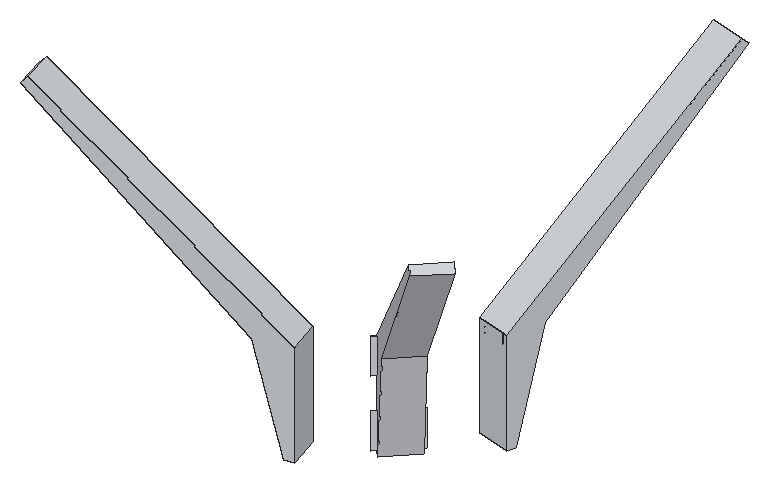
Revit family "Сборка насадок угол 60", category Специальное оборудование, Revit 2019
Family settings
  Размер круглого соединителя = Использовать диаметр
  Тип детали = Нормальный
  На основе рабочей плоскости = Нет
  Всегда вертикально = Да
  При загрузке вырезать с полостями = Нет
  Общий = Да
  Точка расчета площади = Нет
Parameters (values of type "На столбы 80x80")
  Ширина столба = 80 mm
  Центр насадки = Ширина столба / 2  # 40 mm
  Тип крепления насадок к столбам [instance] = 0
  Наружные насадки [instance] = yes
  Инструкция [instance] = "https://docs.google.com/document/d/1YU2zMc4EH5Wo240p8cADVhto8tMNmUbVgzn2qTnmTt8/edit?usp=sharing"
  Группа модели = "Насадки"  # constant formula
  Глубина столба = 80 mm
  ADSK_Наименование = "Сборка - угловые насадки"  # constant formula
Types (4, lengths in mm): name | Ширина столба | Центр насадки | Глубина столба
  На столбы 40x60 | 40 | 20 | 60
  На столбы 60x60 | 60 | 30 | 60
  На столбы 60x80 | 60 | 30 | 80
  На столбы 80x80 | 80 | 40 | 80
Reference planes
  plane 1 "По центру (Вперед/Назад)": y = 0
  plane 2: z = 0
  plane 3 "По центру (Влево/Вправо)": x = 0
  plane 4: z = 0
  plane 5: through (46.994, 102.94, 1200) normal (0.9659, -0.2588, 0)
  plane 6: through (-1.518, -19.818, 1200) normal (0.2588, -0.9659, 0)
  plane 7: through (124.268, 82.234, 1200) normal (0.9659, -0.2588, 0)
  plane 8: through (0.103, 33.594, 1200) normal (0.2588, 0.9659, 0)
  plane 9: through (19.188, -97.092, 1200) normal (0.2588, -0.9659, 0)
  plane 10: through (-33.594, -0.103, 1200) normal (0.9659, 0.2588, 0)
  plane 11: through (20.809, 110.868, 1200) normal (0.2588, 0.9659, 0)
  plane 12: through (-110.868, -20.809, 1200) normal (0.9659, 0.2588, 0)
Dimensions and locks
  "Ширина столба": plane 9 to plane 6
  "Глубина столба": plane 8 to plane 11
  "Ширина столба": plane 5 to plane 7
  "Центр насадки": plane 5 to nested 1
  "Центр насадки": plane 9 to nested 2
  "Центр насадки": nested 14 to plane 5
  "Глубина столба": plane 12 to plane 10
  aligned and locked: level to plane 2
  aligned and locked: nested 4 to nested 2
  aligned and locked: nested 5 to nested 1
  aligned and locked: nested 5 to nested 8  (x2)
  aligned and locked: nested 8 to nested 9  (x2)
  aligned and locked: nested 4 to nested 7
  aligned and locked: nested 6 to nested 7  (x2)
  aligned and locked: nested 7 to nested 15
  aligned and locked: nested 8 to nested 14
  aligned and locked: nested 14 to nested 8  (x2)
  aligned and locked: nested 16 to nested 10
  aligned and locked: nested 1 to plane 11
  aligned and locked: plane 12 to nested 2
  aligned and locked: plane 12 to nested 15
  aligned and locked: nested 14 to plane 11
  aligned and locked: nested 5 to plane 11
  aligned and locked: nested 9 to nested 8
  aligned and locked: nested 7 to nested 2
  aligned and locked: nested 15 to nested 2
Nested families
  nested 1: "В_Насадка L" at (85.859, 93.438, -175) x (0.9659, -0.2588, 0) z (0, 0, 1), visible <- "Наружные насадки", ADSK_Комплект <- "Группа модели", type "Насадка"
    with Насадка L ус 510 yes, ADSK_Обозначение "", ADSK_Наименование "Насадка L ус 510", ADSK_Масса 1.17, ADSK_Комплект "Насадки", ADSK_Код изделия "8928", ADSK_Завод-изготовитель "FENSYS", ADSK_Единица измерения "шт."
  nested 2: "В_Насадка L" at (-93.438, -85.859, -175) x (-0.2588, 0.9659, 0) z (0, 0, 1), visible <- "Наружные насадки", ADSK_Комплект <- "Группа модели", type "Насадка"
    with Насадка L ус 510 yes, ADSK_Обозначение "", ADSK_Наименование "Насадка L ус 510", ADSK_Масса 1.17, ADSK_Комплект "Насадки", ADSK_Код изделия "8928", ADSK_Завод-изготовитель "FENSYS", ADSK_Единица измерения "шт."
  nested 3: "В_Угловая скоба" at (0.707, -0.707, 0) x (0.7071, 0.7071, 0) z (0, 0, 1), ADSK_Комплект <- "Группа модели", type "Угловая скоба"
    with S 75 mm, ADSK_Комплект "Насадки"
  nested 4: "В_Крепеж" at (-95.853, -86.506, -4.311) x (0.2588, -0.9659, 0) z (0, 0, 1), Тип крепежа <- "Тип крепления насадок к столбам", visible <- "Наружные насадки", ADSK_Комплект <- "Группа модели", type "Крепеж"
    with Ширина столба 0 mm, Тип крепежа 0, Путь к таблице "Таблица крепежей", Видимость метизов yes, Y насадка no, ADSK_Обозначение "Крепеж", ADSK_Наименование "Хомут специальный 80", ADSK_Комплект "Насадки", ADSK_Количество 1, ADSK_Код изделия "15515К"
  nested 5: "В_Крепеж" at (86.506, 95.853, -4.311) x (-0.9659, 0.2588, 0) z (0, 0, 1), Тип крепежа <- "Тип крепления насадок к столбам", visible <- "Наружные насадки", ADSK_Комплект <- "Группа модели", type "Крепеж"
    with Ширина столба 0 mm, Тип крепежа 0, Путь к таблице "Таблица крепежей", Видимость метизов yes, Y насадка no, ADSK_Обозначение "Крепеж", ADSK_Наименование "Хомут специальный 80", ADSK_Комплект "Насадки", ADSK_Количество 1, ADSK_Код изделия "15515К"
  nested 6: "В_Крепеж" at (-105.512, -89.094, -4.311) x (0.2588, -0.9659, 0) z (0, 0, 1), visible <- "Наружные насадки", ADSK_Комплект <- "Группа модели", type "Крепеж"
    with Ширина столба 0 mm, Тип крепежа 5, Путь к таблице "Таблица крепежей", Видимость метизов no, Y насадка no, ADSK_Обозначение "Крепеж", ADSK_Наименование "Комплект крепления СББ/ПББ к насадке (Болт М6х25 DIN 933 оц - 4 шт., Зажим для крепления струны/проволоки - 4 шт., Шайба D6 DIN 125 оц. - 8 шт.,  Гайка М6 кл.8.0 DIN 934 оц. - 4 шт.)", ADSK_Комплект "Насадки", ADSK_Количество 1, ADSK_Код изделия "8927"
  nested 7: "В_Крепеж" at (-100.682, -87.8, -4.311) x (0.2588, -0.9659, 0) z (0, 0, 1), visible <- "Наружные насадки", ADSK_Комплект <- "Группа модели", type "Крепеж"
    with Ширина столба 0 mm, Тип крепежа 5, Путь к таблице "Таблица крепежей", Видимость метизов no, Y насадка no, ADSK_Обозначение "Крепеж", ADSK_Наименование "Комплект крепления СББ/ПББ к насадке (Болт М6х25 DIN 933 оц - 4 шт., Зажим для крепления струны/проволоки - 4 шт., Шайба D6 DIN 125 оц. - 8 шт.,  Гайка М6 кл.8.0 DIN 934 оц. - 4 шт.)", ADSK_Комплект "Насадки", ADSK_Количество 1, ADSK_Код изделия "8927"
  nested 8: "В_Крепеж" at (87.8, 100.682, -4.311) x (-0.9659, 0.2588, 0) z (0, 0, 1), visible <- "Наружные насадки", ADSK_Комплект <- "Группа модели", type "Крепеж"
    with Ширина столба 0 mm, Тип крепежа 5, Путь к таблице "Таблица крепежей", Видимость метизов no, Y насадка no, ADSK_Обозначение "Крепеж", ADSK_Наименование "Комплект крепления СББ/ПББ к насадке (Болт М6х25 DIN 933 оц - 4 шт., Зажим для крепления струны/проволоки - 4 шт., Шайба D6 DIN 125 оц. - 8 шт.,  Гайка М6 кл.8.0 DIN 934 оц. - 4 шт.)", ADSK_Комплект "Насадки", ADSK_Количество 1, ADSK_Код изделия "8927"
  nested 9: "В_Крепеж" at (89.094, 105.512, -4.311) x (-0.9659, 0.2588, 0) z (0, 0, 1), visible <- "Наружные насадки", ADSK_Комплект <- "Группа модели", type "Крепеж"
    with Ширина столба 0 mm, Тип крепежа 5, Путь к таблице "Таблица крепежей", Видимость метизов no, Y насадка no, ADSK_Обозначение "Крепеж", ADSK_Наименование "Комплект крепления СББ/ПББ к насадке (Болт М6х25 DIN 933 оц - 4 шт., Зажим для крепления струны/проволоки - 4 шт., Шайба D6 DIN 125 оц. - 8 шт.,  Гайка М6 кл.8.0 DIN 934 оц. - 4 шт.)", ADSK_Комплект "Насадки", ADSK_Количество 1, ADSK_Код изделия "8927"
  nested 10: "В_Насадка L" at (1.414, -1.414, -175) x (-0.7071, -0.7071, 0) z (0, 0, 1), ADSK_Комплект <- "Группа модели", type "Насадка"
    with Насадка L ус 510 yes, ADSK_Обозначение "", ADSK_Наименование "Насадка L ус 510", ADSK_Масса 1.17, ADSK_Комплект "Насадки", ADSK_Код изделия "8928", ADSK_Завод-изготовитель "FENSYS", ADSK_Единица измерения "шт."
  nested 11: "В_Крепеж" at (10.253, -10.253, -4.311) x (-0.7071, -0.7071, 0) z (0, 0, 1), ADSK_Комплект <- "Группа модели", type "Крепеж"
    with Ширина столба 0 mm, Тип крепежа 5, Путь к таблице "Таблица крепежей", Видимость метизов no, Y насадка no, ADSK_Обозначение "Крепеж", ADSK_Наименование "Комплект крепления СББ/ПББ к насадке (Болт М6х25 DIN 933 оц - 4 шт., Зажим для крепления струны/проволоки - 4 шт., Шайба D6 DIN 125 оц. - 8 шт.,  Гайка М6 кл.8.0 DIN 934 оц. - 4 шт.)", ADSK_Комплект "Насадки", ADSK_Количество 1, ADSK_Код изделия "8927"
  nested 12: "В_Крепеж" at (6.718, -6.718, -4.311) x (-0.7071, -0.7071, 0) z (0, 0, 1), ADSK_Комплект <- "Группа модели", type "Крепеж"
    with Ширина столба 0 mm, Тип крепежа 5, Путь к таблице "Таблица крепежей", Видимость метизов no, Y насадка no, ADSK_Обозначение "Крепеж", ADSK_Наименование "Комплект крепления СББ/ПББ к насадке (Болт М6х25 DIN 933 оц - 4 шт., Зажим для крепления струны/проволоки - 4 шт., Шайба D6 DIN 125 оц. - 8 шт.,  Гайка М6 кл.8.0 DIN 934 оц. - 4 шт.)", ADSK_Комплект "Насадки", ADSK_Количество 1, ADSK_Код изделия "8927"
  nested 13: "В_Метизы" at (-3.035, -3.035, 0) x (0.7071, 0.7071, 0) z (0, 0, 1), ADSK_Комплект <- "Группа модели", type "Метизы"
    with Тип крепежа 6, Путь к таблице "Таблица метизов", ADSK_Наименование "ГАЙКА M8 DIN 934 оц. - 4 шт.", ADSK_Комплект "Насадки", ADSK_Количество 1, ADSK_Код изделия "3562"
  nested 14: "В_Крепеж" at (86.506, 95.853, -12.934) x (-0.9659, 0.2588, 0) z (0, 0, 1), Тип крепежа <- "Тип крепления насадок к столбам", visible <- "Наружные насадки", ADSK_Комплект <- "Группа модели", type "Крепеж"
    with Ширина столба 0 mm, Тип крепежа 0, Путь к таблице "Таблица крепежей", Видимость метизов yes, Y насадка no, ADSK_Обозначение "Крепеж", ADSK_Наименование "Хомут специальный 80", ADSK_Комплект "Насадки", ADSK_Количество 1, ADSK_Код изделия "15515К"
  nested 15: "В_Крепеж" at (-95.853, -86.506, -12.934) x (0.2588, -0.9659, 0) z (0, 0, 1), Тип крепежа <- "Тип крепления насадок к столбам", visible <- "Наружные насадки", ADSK_Комплект <- "Группа модели", type "Крепеж"
    with Ширина столба 0 mm, Тип крепежа 0, Путь к таблице "Таблица крепежей", Видимость метизов yes, Y насадка no, ADSK_Обозначение "Крепеж", ADSK_Наименование "Хомут специальный 80", ADSK_Комплект "Насадки", ADSK_Количество 1, ADSK_Код изделия "15515К"
  nested 16: "В_Угловая скоба" at (0.707, -0.707, -114.266) x (0.7071, 0.7071, 0) z (0, 0, 1), ADSK_Комплект <- "Группа модели", type "Угловая скоба"
    with S 75 mm, ADSK_Комплект "Насадки"
  nested 17: "В_Метизы" at (-3.767, -3.767, 0) x (0.7071, 0.7071, 0) z (0, 0, 1), ADSK_Комплект <- "Группа модели", type "Метизы"
    with Тип крепежа 2, Путь к таблице "Таблица метизов", ADSK_Наименование "Комплект метизов «В» для крепления скобы из нержавеющей стали (Винт М8х30 ISO 7380 А2   - 4 шт., Шайба D8 DIN 125 А2-70 - 4 шт.,Шайба 8 DIN 127 нерж.)", ADSK_Комплект "Насадки", ADSK_Количество 1, ADSK_Код изделия "8923"
  nested 18: "В_Метизы" at (-4.189, -4.189, 0) x (0.7071, 0.7071, 0) z (0, 0, 1), ADSK_Комплект <- "Группа модели", type "Метизы"
    with Тип крепежа 6, Путь к таблице "Таблица метизов", ADSK_Наименование "ГАЙКА M8 DIN 934 оц. - 4 шт.", ADSK_Комплект "Насадки", ADSK_Количество 1, ADSK_Код изделия "3562"
  nested 19: "В_Метизы" at (-8.36, -8.36, 0) x (0.7071, 0.7071, 0) z (0, 0, 1), ADSK_Комплект <- "Группа модели", type "Метизы"
    with Тип крепежа 2, Путь к таблице "Таблица метизов", ADSK_Наименование "Комплект метизов «В» для крепления скобы из нержавеющей стали (Винт М8х30 ISO 7380 А2   - 4 шт., Шайба D8 DIN 125 А2-70 - 4 шт.,Шайба 8 DIN 127 нерж.)", ADSK_Комплект "Насадки", ADSK_Количество 1, ADSK_Код изделия "8923"
  nested 20: "В_Метизы" at (-90.676, -105.825, -4.311) x (0.2588, -0.9659, 0) z (0, 0, 1), type "Метизы"
    with Тип крепежа 0, Путь к таблице "Таблица метизов", ADSK_Наименование "Комплект крепежных элементов для хомута", ADSK_Комплект "Насадки", ADSK_Количество 1, ADSK_Код изделия "8920"
  nested 21: "В_Метизы" at (67.188, 101.029, -4.311) x (-0.9659, 0.2588, 0) z (0, 0, 1), type "Метизы"
    with Тип крепежа 0, Путь к таблице "Таблица метизов", ADSK_Наименование "Комплект крепежных элементов для хомута", ADSK_Комплект "Насадки", ADSK_Количество 1, ADSK_Код изделия "8920"
  nested 22: "В_Метизы" at (67.188, 101.029, -12.934) x (-0.9659, 0.2588, 0) z (0, 0, 1), type "Метизы"
    with Тип крепежа 0, Путь к таблице "Таблица метизов", ADSK_Наименование "Комплект крепежных элементов для хомута", ADSK_Комплект "Насадки", ADSK_Количество 1, ADSK_Код изделия "8920"
  nested 23: "В_Метизы" at (-90.676, -105.825, -12.934) x (0.2588, -0.9659, 0) z (0, 0, 1), type "Метизы"
    with Тип крепежа 0, Путь к таблице "Таблица метизов", ADSK_Наименование "Комплект крепежных элементов для хомута", ADSK_Комплект "Насадки", ADSK_Количество 1, ADSK_Код изделия "8920"
Definition of nested family "В_Насадка L"
  Parameters (values of type "Насадка")
    Насадка L ус 510 [instance] = no
    URL = "https://www.fensys.ru/produkciya/elementy-usileniya.html"
    ADSK_Обозначение [instance] = ""
    ADSK_Наименование [instance] = if(Насадка L ус 510, "Насадка L ус 510", "Насадка L ус 325")  # "Насадка L ус 325"
    ADSK_Масса [instance] = if(Насадка L ус 510, 1.17, 0.82)  # 0.82
    ADSK_Комплект [instance] = ""
    ADSK_Количество = 1
    ADSK_Код изделия [instance] = if(Насадка L ус 510, "8928", "8938")  # "8938"
    ADSK_Завод-изготовитель [instance] = "FENSYS"  # constant formula
    ADSK_Единица измерения [instance] = "шт."  # constant formula
  Reference planes
    plane 1 "По центру (Вперед/Назад)": y = 0
    plane 2: z = 0
    plane 3 "По центру (Влево/Вправо)": x = 0
  Forms (mm)
    Extrusion 1, solid
      sketch origin (0, 0, 0) x (0, 1, 0) y (0, 0, 1)
        loop
          line (0, 0) -> (15, 0) -> (61.891, 175) -> (398.002, 488.686) -> (386.689, 500) -> (0, 175) -> (0, 0)
      from -30.5 to 30.5
  Dimensions and locks
    Extrusion 1 sketch curve to Extrusion 1 sketch curve = 175 mm
    Extrusion 1 sketch curve to Extrusion 1 sketch curve = 15 mm
    equal spacing: Extrusion 1, plane 3 "По центру (Влево/Вправо)", Extrusion 1
    locked: Extrusion 1 to Extrusion 1 at 61
    aligned and locked: level to plane 2
    aligned and locked: plane 1 "По центру (Вперед/Назад)" to Extrusion 1  (x2)
    aligned and locked: Extrusion 1 to level
  Automatic sketch dimensions
    Extrusion 1 sketch curve to plane 1 "По центру (Вперед/Назад)" = 0 mm
    Extrusion 1 sketch curve to level = 0 mm
    Extrusion 1 sketch curve to plane 1 "По центру (Вперед/Назад)" = 61.891 mm
    Extrusion 1 sketch curve to Extrusion 1 sketch curve = 0 mm
    Extrusion 1 sketch curve to Extrusion 1 sketch curve = 325 mm
    Extrusion 1 sketch curve to Extrusion 1 sketch curve = 11.314 mm  (x2)
    Extrusion 1 sketch curve to plane 1 "По центру (Вперед/Назад)" = 386.689 mm
Definition of nested family "В_Угловая скоба"
  Parameters (values of type "Угловая скоба")
    Model = ""
    S [instance] = 83 mm
    ADSK_Обозначение = "Крепеж окрашеный"  # constant formula
    ADSK_Наименование = "Скоба угловая для крепления насадки"  # constant formula
    ADSK_Комплект [instance] = ""
    ADSK_Количество = 1
    ADSK_Код изделия = "15293"  # constant formula
    ADSK_Завод-изготовитель = "FENSYS"  # constant formula
    ADSK_Единица измерения = "шт."  # constant formula
  Reference planes
    plane 1 "По центру (Вперед/Назад)": y = 0
    plane 2: z = 0
    plane 3 "По центру (Влево/Вправо)": x = 0
  Forms (mm)
    Extrusion 1, solid
      sketch origin (0, 0, 0) x (1, 0, 0) y (0, 1, 0)
        loop
          line (-41.5, 1) -> (-41.5, -1) -> (41.5, -1) -> (41.5, 1) -> (-41.5, 1)
      from -60.734 to 0
  Dimensions and locks
    equal spacing: Extrusion 1, plane 3 "По центру (Влево/Вправо)", Extrusion 1
    "S": Extrusion 1 to Extrusion 1
    aligned and locked: level to plane 2
  Automatic sketch dimensions
    Extrusion 1 sketch curve to plane 1 "По центру (Вперед/Назад)" = 1 mm
    Extrusion 1 sketch curve to plane 3 "По центру (Влево/Вправо)" = 41.5 mm
    plane 3 "По центру (Влево/Вправо)" to Extrusion 1 sketch curve = 41.5 mm
    plane 1 "По центру (Вперед/Назад)" to Extrusion 1 sketch curve = 1 mm
Definition of nested family "В_Крепеж"
  Parameters (values of type "Крепеж")
    Ширина столба [instance] = 0 mm
    Тип крепежа [instance] = 0
    Путь к таблице [instance] = "Таблица крепежей"  # constant formula
    Manufacturer = [ADSK_Завод-изготовитель]  # "FENSYS"
    Model = ""
    Видимость метизов [instance] = not(Тип крепежа = 5)  # yes
    Y насадка [instance] = yes
    URL = "https://www.fensys.ru/produkciya/krepyozh.html"
    ADSK_Обозначение [instance] = "Крепеж"  # constant formula
    ADSK_Наименование [instance] = size_lookup(Путь к таблице, "", "Не найдено", Тип крепежа)  # "Хомут специальный 80"
    ADSK_Комплект [instance] = ""
    ADSK_Количество [instance] = 1  # constant formula
    ADSK_Код изделия [instance] = size_lookup(Путь к таблице, "ADSK_Код изделия", "Не найдено", Тип крепежа)  # "15515К"
    ADSK_Завод-изготовитель = "FENSYS"  # constant formula
    ADSK_Единица измерения = "шт."  # constant formula
  Reference planes
    plane 1 "По центру (Вперед/Назад)": y = 0
    plane 2: z = 0
    plane 3 "По центру (Влево/Вправо)": x = 0
    plane 4: z = 0
  Forms (mm)
    Extrusion 1, solid
      sketch origin (0, -3, 0) x (1, 0, 0) y (0, 1, 0)
        loop
          line (-20, 5.5) -> (-20, 0.5) -> (20, 0.5) -> (20, 5.5) -> (-20, 5.5)
      from -4.311 to 4.311
  Dimensions and locks
    locked: Extrusion 1 sketch curve to Extrusion 1 sketch curve at 5
    locked: Extrusion 1 sketch curve to Extrusion 1 sketch curve at 40
    aligned and locked: level to plane 2
  Nested families
    nested 1: "В_Метизы" at (20, 0, 0), Тип крепежа <- "Тип крепежа", ADSK_Комплект <- "ADSK_Комплект", visible <- "Видимость метизов", type "Метизы"
      with Тип крепежа 0, Путь к таблице "Таблица метизов", ADSK_Наименование "Комплект крепежных элементов для хомута", ADSK_Комплект "", ADSK_Количество 1, ADSK_Код изделия "8920"
    nested 2: "В_Метизы" at (-20, 0, 0), visible <- "Y насадка", Тип крепежа <- "Тип крепежа", ADSK_Комплект <- "ADSK_Комплект", type "Метизы"
      with Тип крепежа 0, Путь к таблице "Таблица метизов", ADSK_Наименование "Комплект крепежных элементов для хомута", ADSK_Комплект "", ADSK_Количество 1, ADSK_Код изделия "8920"
  Definition of nested family "В_Метизы"
    Parameters (values of type "Метизы")
      Тип крепежа [instance] = 1
      Путь к таблице [instance] = "Таблица метизов"  # constant formula
      Manufacturer = [ADSK_Завод-изготовитель]  # "FENSYS"
      URL = "https://www.fensys.ru/produkciya/krepyozh.html"
      ADSK_Наименование [instance] = size_lookup(Путь к таблице, "", "Не найдено", Тип крепежа)  # "Комплект метизов «В» для крепления скобы F24 (Винт М6х30 ISO 7380 А2 - 4 шт., Шайба D6 DIN 125 А2 - 4 шт.,Шайба 6 DIN 127 А2 - 4 шт.)"
      ADSK_Комплект [instance] = "Ограждение"
      ADSK_Количество [instance] = 1  # constant formula
      ADSK_Код изделия [instance] = size_lookup(Путь к таблице, "ADSK_Код изделия", "Не найдено", Тип крепежа)  # "8932"
      ADSK_Завод-изготовитель = "FENSYS"  # constant formula
      ADSK_Единица измерения = "шт."  # constant formula
    Reference planes
      plane 1 "По центру (Вперед/Назад)": y = 0
      plane 2: z = 0
      plane 3 "По центру (Влево/Вправо)": x = 0
      plane 4: z = 0
    Lines and regions (mm)
      reference lines
        curve 1: circle (0, 0, 0) r 0.299 normal (0, -1, 0)
      model lines
        curve 2: circle (0, 0, 0) r 0.3 normal (0, -1, 0)
    Dimensions and locks
      aligned and locked: level to plane 2
Definition of nested family "В_Метизы"
  Parameters (values of type "Метизы")
    Тип крепежа [instance] = 1
    Путь к таблице [instance] = "Таблица метизов"  # constant formula
    Manufacturer = [ADSK_Завод-изготовитель]  # "FENSYS"
    URL = "https://www.fensys.ru/produkciya/krepyozh.html"
    ADSK_Наименование [instance] = size_lookup(Путь к таблице, "", "Не найдено", Тип крепежа)  # "Комплект метизов «В» для крепления скобы F24 (Винт М6х30 ISO 7380 А2 - 4 шт., Шайба D6 DIN 125 А2 - 4 шт.,Шайба 6 DIN 127 А2 - 4 шт.)"
    ADSK_Комплект [instance] = "Ограждение"
    ADSK_Количество [instance] = 1  # constant formula
    ADSK_Код изделия [instance] = size_lookup(Путь к таблице, "ADSK_Код изделия", "Не найдено", Тип крепежа)  # "8932"
    ADSK_Завод-изготовитель = "FENSYS"  # constant formula
    ADSK_Единица измерения = "шт."  # constant formula
  Reference planes
    plane 1 "По центру (Вперед/Назад)": y = 0
    plane 2: z = 0
    plane 3 "По центру (Влево/Вправо)": x = 0
    plane 4: z = 0
  Lines and regions (mm)
    reference lines
      curve 1: circle (0, 0, 0) r 0.299 normal (0, -1, 0)
    model lines
      curve 2: circle (0, 0, 0) r 0.3 normal (0, -1, 0)
  Dimensions and locks
    aligned and locked: level to plane 2
